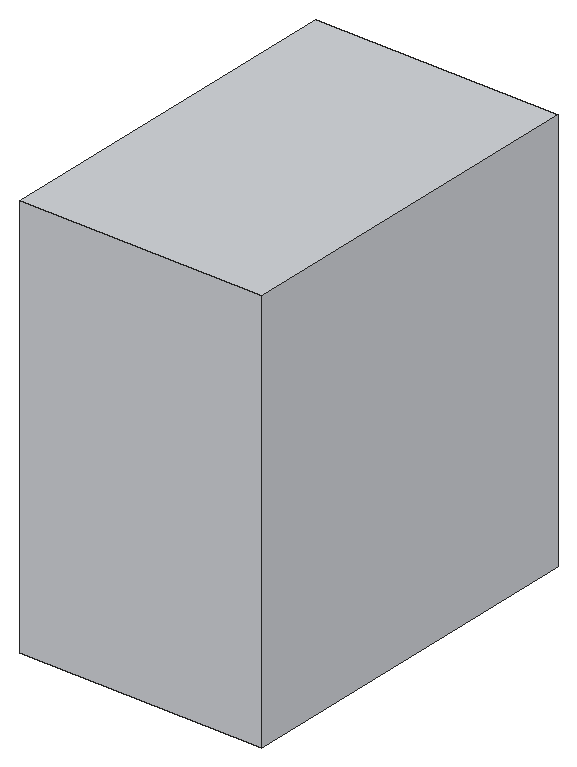
Revit family
Parameters
  Warranty Duration (Years) = 0
  Unit Width [instance] = 1' - 1"
  Unit Height [instance] = 4' - 7"
  Unit Depth = 0' - 0 1/2"
  URL = "http://www.americanspecialties.com/viewCategories.cfm"
  Trim Material = Metal - Stainless Steel
  Test Data = ""
  Specification = "http://www.arcat.com/sdspecs/htm/10810asi.htm"
  SpecWizard = ""
  Send Message = "http://www.arcat.com/users.pl?action=UserEmail&company=American%20Specialties,%20Inc.&coid=30448&rep=139&fax=914-476-0688&mf="
  Sales Information = "http://www.americanspecialties.com/contact"
  Revision = "R1_10-2010"
  Product Properties = "http://www.americanspecialties.com/datasheets/64676.pdf"
  Product Data = "http://www.arcat.com/arcatcos/cos30/arc30448.html"
  Model = "As Specified in 10 28 13"
  Manufacturer Website = "http://www.americanspecialties.com/viewCategories.cfm"
  Manufacturer Phone - Toll Free = ""
  Manufacturer Phone = "914-476-9000 "
  Manufacturer Fax = "914-476-0688"
  Manufacturer Address = "441 Saw Mill River Rd., Yonkers, NY 10701"
  Manufacturer = "American Specialties, Inc."
  Maintenance Schedule (Months) = 0
  Keynote = "10 28 13"
  Installation-Fabrication = "http://www.americanspecialties.com/products.cfm"
  Green Building-LEED = ""
  Expected Lifespan (Years) = 0
  Drawn By = "Robert S. Weygant. CSI, CDT, SCIP"  # constant formula
  Description = "Toilet Accessory as Specified in 10 28 13"
  Default Elevation = 4' - 0"
  Copyright = "©Arcat Inc."
  Construction Details = "http://www.arcat.com/green/clients/leed_data_30448.html"
  Building Codes = "http://www.americanspecialties.com/products.cfm"
  Body Material = Metal - Stainless Steel
  Assembly Code = "C1030210"
Reference planes (in)
  plane 1 "Center (Front/Back)": y = -0.29112
  plane 2 "Floor Line": z = 0
  plane 3 "Center (Left/Right)": x = -0.65843
Forms (in)
  Extrusion 1, solid
    sketch origin (-3, -9, -6) x (0, 0, -1) y (1, 0, 0)
      loop
        line (-82, 26) -> (-82, -19.34712) -> (-6, -19.34712) -> (-6, 26) -> (-82, 26)
    from 28.29112 to -41.06337
  Extrusion 2, solid, material "Metal - Stainless Steel" <- "Body Material"
    sketch origin (0, 0, 0) x (1, 0, 0) y (0, 1, 0)
      loop
        line (-6.15843, 26.20888) -> (-6.15843, -26.79112) -> (4.84157, -26.79112) -> (4.84157, 26.20888) -> (-6.15843, 26.20888)
    from 0 to -6
  Extrusion 3, solid, material "Metal - Stainless Steel" <- "Body Material"
    sketch origin (-0.90625, -0.29112, 0) x (1, 0, 0) y (0, 0, 1)
      loop
        line (-6.25218, 0) -> (6.74782, 0) -> (6.74782, 0.5) -> (-6.25218, 0.5) -> (-6.25218, 0)
    from -27.5 to 27.5
  Extrusion 4, void
    sketch origin (-0.65843, 6.5, 0) x (0, 1, 0) y (0, 0, 1)
      loop
        line (-0.26081, -5.75) -> (2.70888, 0) -> (2.70888, 0.9375) -> (-8.29112, 0.9375) -> (-8.29112, -0.03125) -> (-5.37727, -5.75) -> (-0.26081, -5.75)
    from -5.46875 to 5.46875
  Extrusion 5, void
    sketch origin (-34, 0.66502, 2.66501) x (1, 0, 0) y (0, 0.458881, 0.888498)
      loop
        arc (36.97904, -1.93126) -> (37.16013, -1.67833) -> (36.96657, -1.43482) r 0.2582
        line (36.96657, -1.43482) -> (36.21657, -1.43482)
        arc (36.21657, -1.43482) -> (33.34157, -0.76381) -> (30.46657, -1.43482) r 6.49463
        line (30.46657, -1.43482) -> (29.71657, -1.43482)
        arc (29.71657, -1.43482) -> (29.523, -1.67833) -> (29.70409, -1.93126) r 0.2582
        line (29.70409, -1.93126) -> (30.47904, -1.93126)
        arc (30.47904, -1.93126) -> (33.34157, -2.19871) -> (36.20409, -1.93126) r 15.45277
        line (36.20409, -1.93126) -> (36.97904, -1.93126)
    from -8.81412 to -9.06412
  Extrusion 6, void
    sketch origin (0, 0, 0) x (1, 0, 0) y (0, 1, 0)
      loop
        line (-6.15843, 26.20888) -> (-6.15843, -26.79112) -> (4.84157, -26.79112) -> (4.84157, 26.20888) -> (-6.15843, 26.20888)
    from 0 to -6
  Extrusion 7, solid, material "Metal - Stainless Steel" <- "Trim Material"
    sketch origin (0, 0, -0.4375) x (1, 0, 0) y (0, 1, 0)
      loop
        circle (-5.15843, -18.79112) r 0.5
      loop
        line (-5.21525, -18.37247) -> (-5.21525, -19.22198) -> (-5.10162, -19.22198) -> (-5.10162, -18.37247) -> (-5.21525, -18.37247)
      loop
        circle (-5.15843, 18.20888) r 0.5
      loop
        line (-5.21525, 17.79024) -> (-5.10162, 17.79024) -> (-5.10162, 18.63975) -> (-5.21525, 18.63975) -> (-5.21525, 17.79024)
    from 0.9375 to 1
Cuts and joins
  Extrusion 4, Extrusion 5 cuts Extrusion 2
  Extrusion 4 cuts Extrusion 3
Dimensions and locks (in)
  Extrusion 3 sketch curve to Extrusion 3 sketch curve = 1' - 1"
  Extrusion 3 sketch curve to Extrusion 3 sketch curve = 0' - 0 1/2"
  aligned and locked: Extrusion 1 to level
  aligned and locked: cut or joined group of Extrusion 2, Extrusion 4, Extrusion 5 to cut or joined group of Extrusion 3, Extrusion 4
  aligned and locked: Extrusion 7 to cut or joined group of Extrusion 3, Extrusion 4
